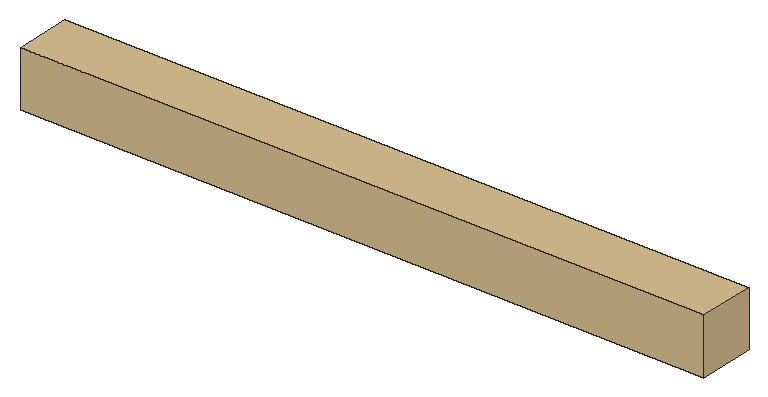
Revit family "DimensionalLumber-Plates_Humboldt", category Structural Framing, Revit 2026
Family settings
  Section Shape = Not Defined
  Material for Model Behavior = Wood
  Always export as geometry = No
  Classification Number = 23.25.30.11.14.14
  Always vertical = Yes
  Cut with Voids When Loaded = No
  Symbolic Representation = From Project Settings
  Shared = No
  Show family pre-cut in plan views = Yes
Parameters (values of type "Douglas Fir - Rough - Full Sawn - 8X8")
  d = 0' - 8"
  b = 0' - 8"
  URL = "http://www.arcat.com/arcatcos/cos49/arc49314.html"
  Type Comments = "-"
  Test Data = "http://www.arcat.com/catalogs/humboldt/span-chart/index.html?coid=49314"
  Tension (Ft) = "425"
  Structural Material = Humboldt Douglas Fir
  Specification = "http://www.arcat.com/sd/clients/humboldt.html?coid=49314"
  Shear (Fv) = "160"
  Send Message = "http://www.getredwood.com/contact-us/"
  Sales Information = "http://www.getredwood.com/contact-us/"
  Revision = "R1_04-2017"
  Product Data = "-"
  Modulus of Elasticity (MOE) = "1"
  Model = "1X4"
  Manufacturer Website = "http://www.getredwood.com/"
  Manufacturer Phone = "(707) 764-4472"
  Manufacturer Fax = "(707) 764-4444 � Fax"
  Manufacturer Address = "125 Main Street P.O. Box 565 Scotia, CA 95565"
  Manufacturer = "Humboldt Redwood"
  Lumber Grade = "No. 2 Open Grain (OG)No. 2 Open Grain (OG)"
  Length [instance] = 10' - 0"
  Keynote = "06 13 00"
  Green Building-LEED = "http://www.arcat.com/green/clients/cos49/leed_product_credits_49314_172508.html"
  Fire Rating = "-"
  Expected Lifespan (Years) = 0
  Drawn By = "Sumex Design, Inc. / Robert S. Weygant, CSI, CDT, SCIP"
  Description = "Humboldt 1X4 - Smooth Grain Dimensional Plate"
  Cost = 0
  Copyright = "2016 ARCAT, Inc."
  Compression (Perpendicular) = "425"
  Compression (Parallel) = "700"
  Bending (Fb) = "725"
  Assembly Code = "B1010340"
Types (56): name | d | b | Structural Material
  Douglas Fir - Rough - Full Sawn - 8X8 | 0' - 8" | 0' - 8" | Humboldt Douglas Fir
  Douglas Fir - Rough - Full Sawn - 6X12 | 0' - 6" | 1' - 0" | Humboldt Douglas Fir
  Douglas Fir - Rough - Full Sawn - 6X10 | 0' - 6" | 0' - 10" | Humboldt Douglas Fir
  Douglas Fir - Rough - Full Sawn - 6X8 | 0' - 6" | 0' - 8" | Humboldt Douglas Fir
  Douglas Fir - Rough - Full Sawn - 6X6 | 0' - 6" | 0' - 6" | Humboldt Douglas Fir
  Douglas Fir - Rough - Full Sawn - 4X8 | 0' - 3 3/4" | 0' - 7 7/8" | Humboldt Douglas Fir
  Douglas Fir - Rough - Full Sawn - 4X6 | 0' - 3 3/4" | 0' - 5 7/8" | Humboldt Douglas Fir
  Douglas Fir - Rough - 2X6 | 0' - 1 3/4" | 0' - 5 7/8" | Humboldt Douglas Fir
  Douglas Fir - Rough - 2X4 | 0' - 1 3/4" | 0' - 3 3/4" | Humboldt Douglas Fir
  Douglas Fir - Surfaced 4 Sides - 6X12 | 0' - 5 1/2" | 0' - 11 1/2" | Humboldt Douglas Fir
  Douglas Fir - Surfaced 4 Sides - 6X10 | 0' - 5 1/2" | 0' - 9 1/2" | Humboldt Douglas Fir
  Douglas Fir - Surfaced 4 Sides - 6X8 | 0' - 5 1/2" | 0' - 7 1/2" | Humboldt Douglas Fir
  Douglas Fir - Surfaced 4 Sides - 6X6 | 0' - 5 1/2" | 0' - 5 1/2" | Humboldt Douglas Fir
  Douglas Fir - Surfaced 4 Sides - 4X12 | 0' - 3.562" | 0' - 11 1/2" | Humboldt Douglas Fir
  Douglas Fir - Surfaced 4 Sides - 4X10 | 0' - 3.562" | 0' - 9 1/2" | Humboldt Douglas Fir
  Douglas Fir - Surfaced 4 Sides - 4X8 | 0' - 3.562" | 0' - 7 1/2" | Humboldt Douglas Fir
  Douglas Fir - Surfaced 4 Sides - 4X6 | 0' - 3.562" | 0' - 5 5/8" | Humboldt Douglas Fir
  Douglas Fir - Surfaced 4 Sides - 4X4 | 0' - 3.562" | 0' - 3.562" | Humboldt Douglas Fir
  Douglas Fir - Surfaced 4 Sides - 3X6 | 0' - 2.563" | 0' - 5 5/8" | Humboldt Douglas Fir
  Douglas Fir - Surfaced 4 Sides - 2X12 | 0' - 1 1/2" | 0' - 11 1/2" | Humboldt Douglas Fir
  Douglas Fir - Surfaced 4 Sides - 2X10 | 0' - 1 1/2" | 0' - 9 1/2" | Humboldt Douglas Fir
  Douglas Fir - Surfaced 4 Sides - 2X8 | 0' - 1 1/2" | 0' - 7 1/2" | Humboldt Douglas Fir
  Douglas Fir - Surfaced 4 Sides - 2X6 | 0' - 1 1/2" | 0' - 5 1/2" | Humboldt Douglas Fir
  Douglas Fir - Surfaced 4 Sides - 2X4 | 0' - 1 1/2" | 0' - 3 1/2" | Humboldt Douglas Fir
  Redwood - Rough - 8X8 | 0' - 7 7/8" | 0' - 7 7/8" | Humboldt Redwood
  Redwood - Rough - 6X12 | 0' - 5 7/8" | 0' - 11 7/8" | Humboldt Redwood
  Redwood - Rough - 6X10 | 0' - 5 7/8" | 0' - 9 7/8" | Humboldt Redwood
  Redwood - Rough - 6X8 | 0' - 5 7/8" | 0' - 7 7/8" | Humboldt Redwood
  Redwood - Rough - 6X6 | 0' - 5 7/8" | 0' - 5 7/8" | Humboldt Redwood
  Redwood - Rough - 4X12 | 0' - 3 3/4" | 0' - 11 3/4" | Humboldt Redwood
  Redwood - Rough - 4X10 | 0' - 3 3/4" | 0' - 9 3/4" | Humboldt Redwood
  Redwood - Rough - 4X8 | 0' - 3 3/4" | 0' - 7 3/4" | Humboldt Redwood
  Redwood - Rough - 4X6 | 0' - 3 3/4" | 0' - 5 3/4" | Humboldt Redwood
  Redwood - Rough - 4X4 | 0' - 3 3/4" | 0' - 3 3/4" | Humboldt Redwood
  Redwood - Surfaced 4 Sides - 8X8 | 0' - 7 1/2" | 0' - 7 1/2" | Humboldt Redwood
  Redwood - Surfaced 4 Sides - 6X12 | 0' - 5 1/2" | 0' - 11 1/2" | Humboldt Redwood
  Redwood - Surfaced 4 Sides - 6X10 | 0' - 5 1/2" | 0' - 9 1/2" | Humboldt Redwood
  Redwood - Surfaced 4 Sides - 6X8 | 0' - 5 1/2" | 0' - 7 1/2" | Humboldt Redwood
  Redwood - Surfaced 4 Sides - 6X6 | 0' - 5 1/2" | 0' - 5 1/2" | Humboldt Redwood
  Redwood - Surfaced 4 Sides - 4X12 | 0' - 3 1/2" | 0' - 11 1/2" | Humboldt Redwood
  Redwood - Surfaced 4 Sides - 4X10 | 0' - 3 1/2" | 0' - 9 1/2" | Humboldt Redwood
  Redwood - Surfaced 4 Sides - 4X8 | 0' - 3 1/2" | 0' - 7 1/2" | Humboldt Redwood
  Redwood - Surfaced 4 Sides - 4X6 | 0' - 3 1/2" | 0' - 5 1/2" | Humboldt Redwood
  Redwood - Surfaced 4 Sides - 4X4 | 0' - 3 1/2" | 0' - 3 1/2" | Humboldt Redwood
  Redwood - Surfaced 2 sides - 2X12 | 0' - 1.656" | 0' - 11 1/4" | Humboldt Redwood
  Redwood - Surfaced 2 sides - 2X8 | 0' - 1.656" | 0' - 7 1/4" | Humboldt Redwood
  Redwood - Surfaced 2 sides - 2X6 | 0' - 1.656" | 0' - 5 1/2" | Humboldt Redwood
  Redwood - Surfaced 2 sides - 2X4 | 0' - 1.656" | 0' - 3 1/2" | Humboldt Redwood
  Redwood - Rough - 2X12 | 0' - 1 3/4" | 0' - 11 7/8" | Humboldt Redwood
  Redwood - Rough - 2X8 | 0' - 1 3/4" | 0' - 7 7/8" | Humboldt Redwood
  Redwood - Rough - 2X6 | 0' - 1 3/4" | 0' - 5 7/8" | Humboldt Redwood
  Redwood - Rough - 2X4 | 0' - 1 3/4" | 0' - 3 7/8" | Humboldt Redwood
  Redwood - Surfaced 4 Sides - 2X12 | 0' - 1 1/2" | 0' - 11 1/4" | Humboldt Redwood
  Redwood - Surfaced 4 Sides - 2X8 | 0' - 1 1/2" | 0' - 7 1/4" | Humboldt Redwood
  Redwood - Surfaced 4 Sides - 2X6 | 0' - 1 1/2" | 0' - 5 1/2" | Humboldt Redwood
  Redwood - Surfaced 4 Sides - 2X4 | 0' - 1 1/2" | 0' - 3 1/2" | Humboldt Redwood
Reference planes (in)
  plane 1 "Center (Front/Back)": y = 0
  plane 2 "Center El.": z = 0
  plane 3 "Center (Left/Right)": x = 0
  plane 4 "Left": x = -60
  plane 5 "Member Left": x = -50
  plane 6 "Right": x = 60
  plane 7 "Member Right": x = 48
  plane 8: y = 4
  plane 9: y = -4
  plane 10: z = 4
  plane 11: z = -4
Forms (in)
  Extrusion 1, solid, material "Humboldt Douglas Fir" <- "Structural Material", detail levels medium+fine
    sketch origin (0, 0, 0) x (0, 1, 0) y (0, 0, 1)
      loop
        line (4, 4) -> (-4, 4) -> (-4, -4) -> (4, -4) -> (4, 4)
    from -50 to 48
Lines and regions (in)
  model lines, style "Stick Symbols", detail levels coarse
    curve 1: line (-45, 0, 0) -> (45, 0, 0)
  symbolic lines, style "Stick Symbols", detail levels coarse
    curve 2: line (-50, 0, 0) -> (48, 0, 0)
  symbolic lines, style "Stick Symbols"
    curve 3: line (0, 4, 4) -> (0, -4, 4)
    curve 4: line (0, 4, -4) -> (0, 4, 4)
    curve 5: line (0, -4, -4) -> (0, 4, -4)
    curve 6: line (0, -4, 4) -> (0, -4, -4)
    curve 7: line (0, 4, 4) -> (0, -4, -4)
    curve 8: line (0, -4, 4) -> (0, 4, -4)
Dimensions and locks (in)
  equal spacing: plane 4 "Left", plane 3 "Center (Left/Right)", plane 6 "Right"
  "Length": plane 4 "Left" to plane 6 "Right"
  "b": plane 8 to plane 9
  equal spacing: plane 8, plane 1 "Center (Front/Back)", plane 9
  "d": plane 10 to plane 11
  equal spacing: plane 10, level, plane 11
  aligned and locked: level to plane 2 "Center El."
  aligned and locked: Extrusion 1 sketch curve to plane 8
  aligned and locked: plane 10 to Extrusion 1
  aligned and locked: Extrusion 1 to plane 11
  aligned and locked: plane 5 "Member Left" to Extrusion 1
  aligned and locked: Extrusion 1 to plane 7 "Member Right"
  aligned and locked: plane 1 "Center (Front/Back)" to curve 2
  aligned and locked: curve 2 to Extrusion 1  (x2)
  aligned and locked: plane 10 to curve 3
  aligned and locked: plane 8 to curve 4
  aligned and locked: curve 5 to plane 11
  aligned and locked: curve 6 to plane 9
Automatic sketch dimensions
  Extrusion 1 sketch curve to plane 9 = 0' - 0"
  Extrusion 1 sketch curve to plane 10 = 0' - 0"
  plane 11 to Extrusion 1 sketch curve = 0' - 0"
  plane 1 "Center (Front/Back)" to curve 1 = 0' - 0"
  curve 2 to curve 1 = 0' - 5"
  plane 7 "Member Right" to curve 1 = 0' - 3"
